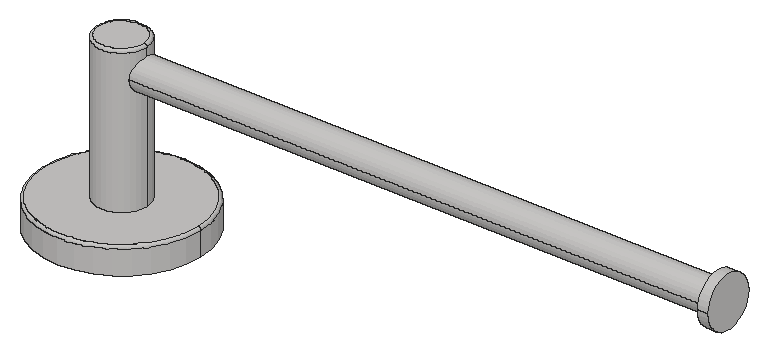
Revit family "PRD_FrankeWS_TwlRls_FIRMUSTowelArm_FIRX004HP", category Specialty Equipment, host Face, Revit 2018
Family settings
  Host = Face
  Round Connector Dimension = Use Diameter
  Part Type = Normal
  OmniClass Number = 23.40.20.21.27
  OmniClass Title = Towel Bars
  Cut with Voids When Loaded = No
  Shared = No
  Room Calculation Point = No
Parameters (values of type "FIRX004HP")
  WarrantyStartDate [instance] = "1900-12-31T23:59:59"
  WarrantyGuarantorParts = "n/a"
  WarrantyGuarantorLabor = "n/a"
  WarrantyDurationUnit = "year"
  WarrantyDurationParts = "n/a"
  WarrantyDurationLabor = "n/a"
  WarrantyDescription = "n/a"
  Version = "1"
  Uniclass2015Version = "Products v1.17"
  Uniclass2015Title = "Towel rails"
  Uniclass2015Code = "Pr_40_20_76_90"
  URL = "www.kwc.com"
  TypeOfMounting = "Wall mounting"
  TypeOfFixing = "Screw"
  TagNumber [instance] = "n/a"
  SustainabilityPerformance = "n/a"
  Style = "Towel arm"
  Size = "260 x 60 x 65 mm"
  Shape = "n/a"
  SerialNumber [instance] = "n/a"
  Revision = "n/a"
  ReplacementCost = "n/a"
  RailMaterial = PRD_AR_StainlessSteel_HighPolished
  ProductInformation = "https://pim.kwc.com/product/2000106271/attachment/datasheet?locale=en"
  NominalWidth = 260.00 mm
  NominalHeight = 60.00 mm
  NominalDepth = 65.00 mm
  NetWeight = 0.26 kg
  Name = "Towel Arm FIRX004HP"
  NBSTypeID = "n/a"
  NBSReference = "45-35-72/372"
  NBSOfficeMasterTag = "n/a"
  NBSNote = "n/a"
  NBSDescription = "Towel rails"
  NBSCertification = "n/a"
  ModelReference = "FIRX004HP"
  ModelNumber = "2000106271"
  Model = ModelReference  # "FIRX004HP"
  MaterialCode = "1.4301"
  Material = "stainless steel"
  ManufacturerURL = "www.kwc.com"
  ManufacturerName = "KWC Group AG"  # constant formula
  Manufacturer = ManufacturerName  # "KWC Group AG"
  MainColor = "stainless steel"
  IsBuiltIn = "TRUE"
  IntegralAccessories = "incl. stainless steel screws and dowels"
  InstallationDate [instance] = "1900-12-31T23:59:59"
  IfcExportType = "USERDEFINED"
  IfcExportAs = "IfcFurnitureType"
  GrossWeight = 0.30 kg
  Grade = "n/a"
  Finish = "high polished"
  Features = "stainless steel, surface high polished"
  ExpectedLife = "n/a"
  DurationUnit = "year"
  Description = "Towel arm for wall mounting, 304 stainless steel, round covers with drilled hole on bottom for fixation, inclusive stainless steel screws and dowels."
  Default Elevation = 1200.00 mm
  CreateOn = "05/2020"  # constant formula
  Constituents = "n/a"
  Color = "n/a"
  CodePerformance = "n/a"
  Category = "Pr_40_20_76_90, Towel rails"
  BarCode [instance] = "n/a"
  BIMObjectName = "PRD_AR_TowelRails_FIRMUSTowelArm_FIRX004HP"
  Author = "Archispace"  # constant formula
  AssetType = "Fixed"
  AssetIdentifier [instance] = "n/a"
  AccessibilityPerformance = "n/a"
Reference planes
  plane 1 "Center (Front/Back)": y = 0
  plane 2: z = 0
  plane 3 "Center (Left/Right)": x = 0
Forms (mm)
  Extrusion 1, solid, material "PRD_AR_StainlessSteel_HighPolished" <- "RailMaterial", detail levels fine
    sketch origin (270, 0, 0) x (1, 0, 0) y (0, 1, 0)
      loop
        circle (-270, 0) r 30
    from 0 to 10
  Sweep 2, solid, material "PRD_AR_StainlessSteel_HighPolished" <- "RailMaterial", detail levels fine
    path origin (270, 0, 0) x (1, 0, 0) y (0, 0, 1)
      loop
        line (-270, 10) -> (-270, 65)
    profile origin (0, 0, 37.5) x (-1, 0, 0) y (0, -1, 0)
      loop
        circle (0, 0) r 9.5
  Extrusion 3, solid, material "PRD_AR_StainlessSteel_HighPolished" <- "RailMaterial", detail levels medium
    sketch origin (270, 0, 0) x (1, 0, 0) y (0, 1, 0)
      loop
        circle (-270, 0) r 30
    from 0 to 10
  Sweep 4, void
    path in 3D
      loop
        arc (30, 0, 10) -> (0, -30, 10) -> (-30, 0, 10) r 30
        arc (-30, 0, 10) -> (0, 30, 10) -> (30, 0, 10) r 30
    profile origin (0, 30, 10) x (0, 1, 0) y (0, 0, 1)
      loop
        line (0, 0) -> (-1, 0)
        arc (-1, 0) -> (-0.293, -0.293) -> (0, -1) r 1
        line (0, -1) -> (0, 0)
  Sweep 5, solid, material "PRD_AR_StainlessSteel_HighPolished" <- "RailMaterial", detail levels fine
    path origin (270, 0, 0) x (1, 0, 0) y (0, 0, 1)
      loop
        line (-270, 55) -> (-44, 55)
    profile origin (113, 0, 55) x (0, 0, 1) y (0, -1, 0)
      loop
        circle (0, 0) r 6
  Extrusion 6, solid, material "PRD_AR_StainlessSteel_HighPolished" <- "RailMaterial", detail levels medium+fine
    sketch origin (0, 0, 0) x (0, 1, 0) y (0, 0, 1)
      loop
        circle (0, 55) r 9.5
    from 226 to 230
  Sweep 7, void
    path in 3D
      loop
        arc (9.5, 0, 65) -> (0, -9.5, 65) -> (-9.5, 0, 65) r 9.5
        arc (-9.5, 0, 65) -> (0, 9.5, 65) -> (9.5, 0, 65) r 9.5
    profile origin (0, 9.5, 65) x (0, 1, 0) y (0, 0, 1)
      loop
        line (0, 0) -> (-1, 0)
        arc (-1, 0) -> (-0.293, -0.293) -> (0, -1) r 1
        line (0, -1) -> (0, 0)
  Sweep 8, solid, material "PRD_AR_StainlessSteel_HighPolished" <- "RailMaterial", detail levels medium
    path origin (270, 0, 0) x (1, 0, 0) y (0, 0, 1)
      loop
        line (-270, 10) -> (-270, 65)
    profile origin (0, 0, 37.5) x (-1, 0, 0) y (0, -1, 0)
      loop
        circle (0, 0) r 9.5
  Sweep 9, solid, material "PRD_AR_StainlessSteel_HighPolished" <- "RailMaterial", detail levels medium
    path origin (270, 0, 0) x (1, 0, 0) y (0, 0, 1)
      loop
        line (-270, 55) -> (-44, 55)
    profile origin (113, 0, 55) x (0, 0, 1) y (0, -1, 0)
      loop
        circle (0, 0) r 6
  Extrusion 10, solid, material "PRD_AR_StainlessSteel_HighPolished" <- "RailMaterial", detail levels coarse
    sketch origin (0, 0, 0) x (1, 0, 0) y (0, 1, 0)
      loop
        line (-30, 30) -> (-30, -30) -> (230, -30) -> (230, 30) -> (-30, 30)
    from 0 to 65
Cuts and joins
  Sweep 4 cuts Extrusion 1
  Sweep 7 cuts Sweep 2
  joined: Sweep 2, Sweep 5
  joined: Sweep 8, Sweep 9
Lines and regions (mm)
  sketch lines
    curve 1: arc (-30, 0, 10) -> (0, 30, 10) -> (30, 0, 10) r 30
    curve 2: arc (30, 0, 10) -> (0, -30, 10) -> (-30, 0, 10) r 30
    curve 3: arc (-9.5, 0, 65) -> (0, 9.5, 65) -> (9.5, 0, 65) r 9.5
    curve 4: arc (9.5, 0, 65) -> (0, -9.5, 65) -> (-9.5, 0, 65) r 9.5
Dimensions and locks
  aligned and locked: plane 2 to host face
  aligned and locked: level to host face
